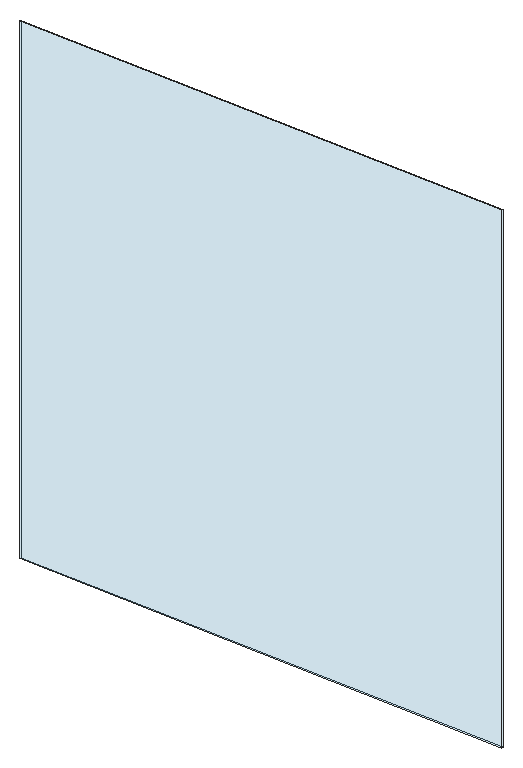
Revit family
Parameters (values of type "72" x 72"")
  Sealant = 0' - 0 3/8"
  Pocket Depth [instance] = 0' - 0 1/2"
  Head Height = Sill Height + Rough Height - Sealant  # 8' - 11 5/8"
  Depth [instance] = 0' - 3"
  Sill Height = 3' - 0"
  Rough Width = 6' - 0"
  Rough Height = 6' - 0"
  Model = "AF300"
  Material = ""
  Manufacturer = "Arcadia"
  Sightline = 0' - 2 3/8"
  Height = Rough Height - Sealant - Sealant  # 5' - 11 1/4"
  Wall Closure = (empty or 0)
  Width = Rough Width - Sealant - Sealant  # 5' - 11 1/4"
  Glass Thickness [instance] = 0' - 0 1/4"
  Offset to Inside Face of Glass [instance] = 0' - 2 9/32"
  Construction Type = "Aluminum"
  Center of Rough Opening [instance] = Rough Width / 2  # 3' - 0"
  Center of Glass [instance] = Glass Thickness / 2  # 0' - 0 1/8"
  Center Wall to Outside Face [instance] = 0' - 2 7/8"
  CSO [instance] = yes
  CSI [instance] = yes
  Assembly Code = ""
Reference planes (in)
  plane 1 "Center (Front/Back)": y = 0
  plane 2: z = 0
  plane 3 "Center (Left/Right)": x = 12
  plane 4 "Rough Opening Bottom": z = 36
  plane 5 "Rough Opening Top": z = 108
  plane 6 "Exterior Face": y = 3.25
  plane 7 "Frame Top": z = 105.625
  plane 8 "Frame Bottom": z = 38.375
  plane 9 "Rough Opening Left": x = -24
  plane 10 "Rough Opening Right": x = 48
  plane 11 "Frame Left": x = -21.625
  plane 12 "Frame Right": x = 45.625
  plane 13 "Exterior Glass Edge": y = 1.58019
  plane 14 "Interior Glass Edge": y = 1.33019
  plane 15 "Glass Centerline": y = 1.45519
  plane 16 "Frame Outside": y = 2.04894
  plane 17 "Frame Inside": y = -0.95106
  plane 18: z = 106.125
  plane 19: z = 37.875
  plane 20: x = 46.125
  plane 21: x = -22.125
  plane 22: x = 47.625
  plane 23: x = -23.625
  plane 24: z = 107.625
  plane 25: z = 36.375
Forms (in)
  Extrusion 1, solid, material "Anodize Arcadia AC2 Clear #11", detail levels coarse
    sketch origin (0, 0, 36) x (0, -1, 0) y (1, 0, 0)
      loop
        line (-2.04894, -24) -> (0.95106, -24) -> (0.95106, -21.625) -> (-1.33019, -21.625) -> (-1.33019, -22.125) -> (-1.58019, -22.125) -> (-1.58019, -21.625) -> (-2.04894, -21.625) -> (-2.04894, -24)
    from 0 to 72 <- "Rough Height"
  Extrusion 2, solid, material "Anodize Arcadia AC2 Clear #11", detail levels coarse
    sketch origin (0, 0, 36) x (0, -1, 0) y (1, 0, 0)
      loop
        line (-2.04894, 45.625) -> (-1.58019, 45.625) -> (-1.58019, 46.125) -> (-1.33019, 46.125) -> (-1.33019, 45.625) -> (0.95106, 45.625) -> (0.95106, 48) -> (-2.04894, 48) -> (-2.04894, 45.625)
    from 0 to 72 <- "Rough Height"
  Extrusion 3, solid, material "Glass"
    sketch origin (-0.5, 0, 36) x (0, -1, 0) y (1, 0, 0)
      loop
        line (-1.58019, -21.625) -> (-1.33019, -21.625) -> (-1.33019, 46.625) -> (-1.58019, 46.625) -> (-1.58019, -21.625)
    from 1.875 to 70.125
  Extrusion 4, solid, material "Anodize Arcadia AC2 Clear #11", detail levels coarse
    sketch origin (-24, 0, 0) x (0, 1, 0) y (0, 0, 1)
      loop
        line (-0.95106, 108) -> (-0.95106, 105.625) -> (1.33019, 105.625) -> (1.33019, 106.125) -> (1.58019, 106.125) -> (1.58019, 105.625) -> (2.04894, 105.625) -> (2.04894, 108) -> (-0.95106, 108)
    from 0 to 72 <- "Rough Width"
  Extrusion 5, solid, material "Anodize Arcadia AC2 Clear #11", detail levels coarse
    sketch origin (-24, 0, 0) x (0, 1, 0) y (0, 0, 1)
      loop
        line (2.04894, 38.375) -> (1.58019, 38.375) -> (1.58019, 37.875) -> (1.33019, 37.875) -> (1.33019, 38.375) -> (-0.95106, 38.375) -> (-0.95106, 36) -> (2.04894, 36) -> (2.04894, 38.375)
    from 0 to 72 <- "Rough Width"
  Extrusion 6, void
    sketch origin (0, 0, 36) x (0, -1, 0) y (1, 0, 0)
      loop
        line (-3.25, -24) -> (4.75, -24) -> (4.75, 48) -> (-3.25, 48) -> (-3.25, -24)
    from 0 to 72 <- "Rough Height"
Lines and regions (in)
  symbolic lines, detail levels coarse
    curve 1: line (-24, 2.04894, 0) -> (-21.625, 2.04894, 0)
    curve 2: line (-21.625, 2.04894, 0) -> (-21.625, 1.58019, 0)
    curve 3: line (46.125, 1.58019, 0) -> (-22.125, 1.58019, 0)
    curve 4: line (-22.125, 1.58019, 0) -> (-22.125, 1.33019, 0)
    curve 5: line (-22.125, 1.33019, 0) -> (46.125, 1.33019, 0)
    curve 6: line (-21.625, 1.33019, 0) -> (-21.625, -0.95106, 0)
    curve 7: line (-21.625, -0.95106, 0) -> (-24, -0.95106, 0)
    curve 8: line (-24, -0.95106, 0) -> (-24, 2.04894, 0)
    curve 9: line (48, 2.04894, 0) -> (45.625, 2.04894, 0)
    curve 10: line (45.625, 2.04894, 0) -> (45.625, 1.58019, 0)
    curve 11: line (46.125, 1.58019, 0) -> (46.125, 1.33019, 0)
    curve 12: line (45.625, 1.33019, 0) -> (45.625, -0.95106, 0)
    curve 13: line (45.625, -0.95106, 0) -> (48, -0.95106, 0)
    curve 14: line (48, -0.95106, 0) -> (48, 2.04894, 0)
Text (in)
  text "EXTERIOR" at (-58.6888, 50.90694, 0), in view "Ref. Level"
  text "INTERIOR" at (-58.6888, -37.76638, 0), in view "Ref. Level"
  text "Exterior" at (0, 43.65631, 123.19604), in view "Left"
  text "Exterior" at (0, 18.29385, 125.04747), in view "Right"
Dimensions and locks (in)
  "Rough Height": plane 4 "Rough Opening Bottom" to plane 5 "Rough Opening Top"
  "Sill Height": plane 2 to plane 4 "Rough Opening Bottom"
  "Sightline": plane 7 "Frame Top" to plane 5 "Rough Opening Top"
  "Sightline": plane 4 "Rough Opening Bottom" to plane 8 "Frame Bottom"
  "Rough Width": plane 9 "Rough Opening Left" to plane 10 "Rough Opening Right"
  "Sightline": plane 9 "Rough Opening Left" to plane 11 "Frame Left"
  "Sightline": plane 12 "Frame Right" to plane 10 "Rough Opening Right"
  "Depth": plane 17 "Frame Inside" to plane 16 "Frame Outside"
  "Glass Thickness": plane 13 "Exterior Glass Edge" to plane 14 "Interior Glass Edge"
  "Center of Glass": plane 15 "Glass Centerline" to plane 14 "Interior Glass Edge"
  "Center of Rough Opening": plane 9 "Rough Opening Left" to plane 3 "Center (Left/Right)"
  "Offset to Inside Face of Glass": plane 17 "Frame Inside" to plane 14 "Interior Glass Edge"
  "Pocket Depth": plane 12 "Frame Right" to plane 20
  "Pocket Depth": plane 21 to plane 11 "Frame Left"
  "Pocket Depth": plane 7 "Frame Top" to plane 18
  "Pocket Depth": plane 19 to plane 8 "Frame Bottom"
  "Sealant": plane 9 "Rough Opening Left" to plane 23
  "Sealant": plane 22 to plane 10 "Rough Opening Right"
  "Sealant": plane 24 to plane 5 "Rough Opening Top"
  "Sealant": plane 4 "Rough Opening Bottom" to plane 25
  aligned and locked: plane 6 "Exterior Face" to host wall
  aligned and locked: Extrusion 1 sketch curve to plane 17 "Frame Inside"
  aligned and locked: plane 16 "Frame Outside" to Extrusion 1 sketch curve
  aligned and locked: Extrusion 1 sketch curve to plane 11 "Frame Left"
  aligned and locked: plane 9 "Rough Opening Left" to Extrusion 1 sketch curve
  aligned and locked: plane 12 "Frame Right" to Extrusion 2 sketch curve
  aligned and locked: Extrusion 2 sketch curve to plane 10 "Rough Opening Right"
  aligned and locked: Extrusion 2 sketch curve to plane 17 "Frame Inside"
  aligned and locked: plane 16 "Frame Outside" to Extrusion 2 sketch curve
  aligned and locked: Extrusion 3 sketch curve to plane 13 "Exterior Glass Edge"
  aligned and locked: plane 14 "Interior Glass Edge" to Extrusion 3 sketch curve
  aligned and locked: plane 5 "Rough Opening Top" to Extrusion 4 sketch curve
  aligned and locked: Extrusion 4 sketch curve to plane 7 "Frame Top"
  aligned and locked: Extrusion 4 sketch curve to plane 17 "Frame Inside"
  aligned and locked: plane 16 "Frame Outside" to Extrusion 4 sketch curve
  aligned and locked: Extrusion 5 sketch curve to plane 4 "Rough Opening Bottom"
  aligned and locked: plane 8 "Frame Bottom" to Extrusion 5 sketch curve
  aligned and locked: Extrusion 5 sketch curve to plane 17 "Frame Inside"
  aligned and locked: plane 16 "Frame Outside" to Extrusion 5 sketch curve
  aligned and locked: plane 4 "Rough Opening Bottom" to nested 3
  aligned and locked: nested 2 to plane 5 "Rough Opening Top"
  aligned and locked: plane 19 to Extrusion 3
  aligned and locked: Extrusion 3 to plane 18
  aligned and locked: plane 17 "Frame Inside" to nested 3
  aligned and locked: plane 17 "Frame Inside" to nested 2
  aligned and locked: nested 1 to plane 16 "Frame Outside"
  aligned and locked: plane 10 "Rough Opening Right" to nested 1
  aligned and locked: nested 4 to plane 9 "Rough Opening Left"
  aligned and locked: plane 17 "Frame Inside" to nested 4
  aligned and locked: plane 13 "Exterior Glass Edge" to Extrusion 5 sketch curve
  aligned and locked: Extrusion 5 sketch curve to plane 14 "Interior Glass Edge"
  aligned and locked: plane 19 to Extrusion 5 sketch curve
  aligned and locked: Extrusion 4 sketch curve to plane 13 "Exterior Glass Edge"
  aligned and locked: plane 18 to Extrusion 4 sketch curve
  aligned and locked: plane 14 "Interior Glass Edge" to Extrusion 4 sketch curve
  aligned and locked: plane 14 "Interior Glass Edge" to Extrusion 2 sketch curve
  aligned and locked: Extrusion 2 sketch curve to plane 20
  aligned and locked: Extrusion 2 sketch curve to plane 13 "Exterior Glass Edge"
  aligned and locked: Extrusion 1 sketch curve to plane 14 "Interior Glass Edge"
  aligned and locked: Extrusion 1 sketch curve to plane 21
  aligned and locked: plane 13 "Exterior Glass Edge" to Extrusion 1 sketch curve
  aligned and locked: plane 16 "Frame Outside" to curve 1
  aligned and locked: plane 9 "Rough Opening Left" to curve 8
  aligned and locked: curve 2 to plane 11 "Frame Left"
  aligned and locked: curve 6 to plane 11 "Frame Left"
  aligned and locked: curve 4 to plane 21
  aligned and locked: curve 7 to plane 17 "Frame Inside"
  aligned and locked: curve 5 to plane 14 "Interior Glass Edge"
  aligned and locked: plane 13 "Exterior Glass Edge" to curve 3
  aligned and locked: curve 10 to plane 12 "Frame Right"
  aligned and locked: curve 12 to plane 12 "Frame Right"
  aligned and locked: curve 11 to plane 20
  aligned and locked: plane 10 "Rough Opening Right" to curve 14
  aligned and locked: curve 9 to plane 16 "Frame Outside"
  aligned and locked: plane 17 "Frame Inside" to curve 13
  aligned and locked: plane 9 "Rough Opening Left" to import instance  (x2)
  aligned and locked: plane 16 "Frame Outside" to import instance  (x3)
  aligned and locked: plane 10 "Rough Opening Right" to import instance  (x2)
  aligned and locked: import instance to plane 16 "Frame Outside"  (x4)
  aligned and locked: import instance to plane 4 "Rough Opening Bottom"  (x2)
  aligned and locked: plane 17 "Frame Inside" to import instance
  aligned and locked: import instance to plane 5 "Rough Opening Top"
  aligned and locked: plane 5 "Rough Opening Top" to import instance
  aligned and locked: level to plane 2
  aligned and locked: plane 9 "Rough Opening Left" to Extrusion 6 sketch curve
  aligned and locked: plane 6 "Exterior Face" to Extrusion 6 sketch curve
  aligned and locked: host wall to Extrusion 6 sketch curve
  aligned and locked: plane 10 "Rough Opening Right" to Extrusion 6 sketch curve
Automatic sketch dimensions
  Extrusion 3 sketch curve to plane 21 = 0' - 0"
  Extrusion 3 sketch curve to plane 20 = 0' - 0"
  Extrusion 5 sketch curve to plane 8 "Frame Bottom" = 0' - 0"
  Extrusion 4 sketch curve to plane 7 "Frame Top" = 0' - 0"
  Extrusion 2 sketch curve to plane 12 "Frame Right" = 0' - 0"
  Extrusion 1 sketch curve to plane 11 "Frame Left" = 0' - 0"
Nested families (in)
  nested 1: "Window-Arcadia-AF300-Med-Jamb-R" at (46.9375, 1.45519, 0) x (-1, 0, 0) z (0, 0, 1), type "Window-Arcadia-AF300-Med-Jamb-R", detail levels medium
    with Sightline 0' - 2 3/8", Pocket Depth 0' - 0 1/2", Offset to Inside Face of Glass 0' - 2 9/32", Glass Width 0' - 0 1/4", Frame Wall Thickness 0' - 0 3/32", Depth 0' - 3", Center of Glass 0' - 0 1/8"
  nested 2: "Window-Arcadia-AF300-Med-Head" at (33.875, 1.45519, 108) x (0, -1, 0) z (1, 0, 0), type "Window-Arcadia-AF300-Med-Head", detail levels medium
    with Sightline 0' - 2 3/8", Pocket Depth 0' - 0 1/2", Offset to Inside Face of Glass 0' - 2 9/32", Glass Width 0' - 0 1/4", Frame Wall Thickness 0' - 0 3/32", Depth 0' - 3", Center of Glass 0' - 0 1/8"
  nested 3: "Window-Arcadia-AF300-Med-Sill" at (33.875, 1.45519, 36) x (0, -1, 0) z (1, 0, 0), type "Window-Arcadia-AF300-Med-Sill", detail levels medium
    with Sightline 0' - 2 3/8", Pocket Depth 0' - 0 1/2", Offset to Inside Face of Glass 0' - 2 9/32", Glass Width 0' - 0 1/4", Frame Wall Thickness 0' - 0 3/32", Depth 0' - 3", Center of Glass 0' - 0 1/8"
  nested 4: "Window-Arcadia-AF300-Med-Jamb-L" at (-22.9375, 1.45519, 0) x (-1, 0, 0) z (0, 0, 1), type "Window-Arcadia-AF300-Med-Jamb-L", detail levels medium
    with Sightline 0' - 2 3/8", Pocket Depth 0' - 0 1/2", Offset to Inside Face of Glass 0' - 2 9/32", Glass Width 0' - 0 1/4", Frame Wall Thickness 0' - 0 3/32", Depth 0' - 3", Center of Glass 0' - 0 1/8"
Definition of nested family "Window-Arcadia-AF300-Med-Jamb-R"
  Parameters (values of type "Window-Arcadia-TC670-Med-Jamb-R")
    Depth [instance] = 0' - 6"
    Pocket Depth [instance] = 0' - 0 3/4"
    Offset to Inside Face of Glass [instance] = 0' - 4"
    Glass Width [instance] = 0' - 1"
    Sightline [instance] = 0' - 2 5/8"
    Center of Glass [instance] = Glass Width / 2  # 0' - 0 1/2"
    Frame Wall Thickness [instance] = 0' - 0 3/32"
    Assembly Code = ""
  Reference planes (in)
    plane 1 "Center (Front/Back)": y = 0
    plane 2: z = 0
    plane 3: x = 1.5625
    plane 4 "back": x = -1.0625
    plane 5: y = 4.5
    plane 6: y = -1.5
    plane 7 "Inside Face of Glass": y = 0.5
    plane 8: y = -0.5
    plane 9: x = 0.8125
  Lines and regions (in)
    detail lines, in view "Ref. Level", detail levels medium
      curve 1: line (-1.0625, 4.5, 0) -> (-1.0625, -1.5, 0)
      curve 2: line (-1.0625, -1.5, 0) -> (1.5625, -1.5, 0)
      curve 3: line (1.5625, -1.5, 0) -> (1.5625, -0.5, 0)
      curve 4: line (1.5625, -0.5, 0) -> (0.8125, -0.5, 0)
      curve 5: line (0.8125, -0.5, 0) -> (0.8125, 0.5, 0)
      curve 6: line (0.8125, 0.5, 0) -> (1.5625, 0.5, 0)
      curve 7: line (1.5625, 0.5, 0) -> (1.5625, 4.5, 0)
      curve 8: line (1.5625, 4.5, 0) -> (-1.0625, 4.5, 0)
      curve 9: line (1.46875, 4.40625, 0) -> (-0.96875, 4.40625, 0)
      curve 10: line (-0.96875, 4.40625, 0) -> (-0.96875, -1.40625, 0)
      curve 11: line (-0.96875, -1.40625, 0) -> (1.46875, -1.40625, 0)
      curve 12: line (1.46875, -1.40625, 0) -> (1.46875, -0.59375, 0)
      curve 13: line (1.46875, -0.59375, 0) -> (0.71875, -0.59375, 0)
      curve 14: line (0.71875, -0.59375, 0) -> (0.71875, 0.59375, 0)
      curve 15: line (0.71875, 0.59375, 0) -> (1.46875, 0.59375, 0)
      curve 16: line (1.46875, 0.59375, 0) -> (1.46875, 4.40625, 0)
      curve 17: line (1.5625, 4.5, 0) -> (-1.0625, 4.5, 0)
      curve 18: line (-1.0625, 4.40625, 0) -> (-1.0625, -1.5, 0)
  Dimensions and locks (in)
    "Sightline": plane 4 "back" to plane 3
    "Depth": plane 5 to plane 6
    "Center of Glass": plane 1 "Center (Front/Back)" to plane 7 "Inside Face of Glass"
    "Glass Width": plane 8 to plane 7 "Inside Face of Glass"
    "Pocket Depth": plane 9 to plane 3
    "Offset to Inside Face of Glass": plane 5 to plane 7 "Inside Face of Glass"
    "Frame Wall Thickness": plane 5 to curve 9
    "Frame Wall Thickness": plane 4 "back" to curve 10
    "Frame Wall Thickness": curve 11 to plane 6
    "Frame Wall Thickness": curve 12 to plane 3
    "Frame Wall Thickness": curve 13 to plane 8
    "Frame Wall Thickness": plane 7 "Inside Face of Glass" to curve 15
    "Frame Wall Thickness": curve 14 to plane 9
    "Frame Wall Thickness": curve 16 to plane 3
    aligned and locked: plane 5 to curve 8
    aligned and locked: curve 1 to plane 4 "back"
    aligned and locked: curve 2 to plane 6
    aligned and locked: plane 3 to curve 3
    aligned and locked: curve 4 to plane 8
    aligned and locked: plane 9 to curve 5
    aligned and locked: plane 7 "Inside Face of Glass" to curve 6
    aligned and locked: plane 3 to curve 7
  Automatic sketch dimensions
    curve 18 to curve 9 = 0' - 0"
Definition of nested family "Window-Arcadia-AF300-Med-Head"
  Parameters (values of type "Window-Arcadia-A400-Med-Head")
    Depth [instance] = 0' - 6"
    Pocket Depth [instance] = 0' - 0 1/2"
    Offset to Inside Face of Glass [instance] = 0' - 4"
    Glass Width [instance] = 0' - 1"
    Sightline [instance] = 0' - 2 5/8"
    Center of Glass [instance] = Glass Width / 2  # 0' - 0 1/2"
    Frame Wall Thickness [instance] = 0' - 0 3/32"
    Assembly Code = ""
  Reference planes (in)
    plane 1 "Center (Front/Back)": y = 0
    plane 2: z = 0
    plane 3 "Center (Left/Right)": x = 0
    plane 4: x = -0.5
    plane 5 "Inside Face of Glass": x = 0.5
    plane 6: y = -2.625
    plane 7: x = 4.5
    plane 8: x = -1.5
    plane 9: y = -2.125
  Lines and regions (in)
    detail lines, in view "Ref. Level", detail levels medium
      curve 1: line (-1.5, 0, 0) -> (-1.5, -2.625, 0)
      curve 2: line (-1.5, -2.625, 0) -> (-0.5, -2.625, 0)
      curve 3: line (-0.5, -2.625, 0) -> (-0.5, -2.125, 0)
      curve 4: line (-0.5, -2.125, 0) -> (0.5, -2.125, 0)
      curve 5: line (0.5, -2.125, 0) -> (0.5, -2.625, 0)
      curve 6: line (0.5, -2.625, 0) -> (4.5, -2.625, 0)
      curve 7: line (4.5, -2.625, 0) -> (4.5, 0, 0)
      curve 8: line (4.5, 0, 0) -> (-1.5, 0, 0)
      curve 9: line (-1.40625, -0.09375, 0) -> (-1.40625, -2.53125, 0)
      curve 10: line (4.40625, -0.09375, 0) -> (-1.40625, -0.09375, 0)
      curve 11: line (4.40625, -2.53125, 0) -> (4.40625, -0.09375, 0)
      curve 12: line (0.59375, -2.53125, 0) -> (4.40625, -2.53125, 0)
      curve 13: line (-1.40625, -2.53125, 0) -> (-0.59375, -2.53125, 0)
      curve 14: line (-0.59375, -2.53125, 0) -> (-0.59375, -2.03125, 0)
      curve 15: line (-0.59375, -2.03125, 0) -> (0.59375, -2.03125, 0)
      curve 16: line (0.59375, -2.03125, 0) -> (0.59375, -2.53125, 0)
  Dimensions and locks (in)
    "Sightline": plane 6 to plane 1 "Center (Front/Back)"
    "Depth": plane 8 to plane 7
    "Pocket Depth": plane 6 to plane 9
    "Offset to Inside Face of Glass": plane 5 "Inside Face of Glass" to plane 7
    "Glass Width": plane 4 to plane 5 "Inside Face of Glass"
    "Center of Glass": plane 3 "Center (Left/Right)" to plane 5 "Inside Face of Glass"
    "Frame Wall Thickness": plane 8 to curve 9
    "Frame Wall Thickness": curve 10 to plane 1 "Center (Front/Back)"
    "Frame Wall Thickness": curve 11 to plane 7
    "Frame Wall Thickness": plane 6 to curve 12
    "Frame Wall Thickness": plane 6 to curve 13
    "Frame Wall Thickness": plane 9 to curve 15
    "Frame Wall Thickness": plane 5 "Inside Face of Glass" to curve 16
    "Frame Wall Thickness": curve 14 to plane 4
    aligned and locked: curve 8 to plane 1 "Center (Front/Back)"
    aligned and locked: plane 7 to curve 7
    aligned and locked: curve 1 to plane 8
    aligned and locked: plane 9 to curve 4
    aligned and locked: plane 4 to curve 3
    aligned and locked: plane 6 to curve 2
    aligned and locked: plane 6 to curve 6
  Automatic sketch dimensions
    curve 5 to plane 5 "Inside Face of Glass" = 0' - 0"
Definition of nested family "Window-Arcadia-AF300-Med-Sill"
  Parameters (values of type "Window-Arcadia-A400-Med-Sill")
    Depth [instance] = 0' - 6"
    Pocket Depth [instance] = 0' - 0 1/2"
    Offset to Inside Face of Glass [instance] = 0' - 4"
    Glass Width [instance] = 0' - 1"
    Sightline [instance] = 0' - 2 5/8"
    Center of Glass [instance] = Glass Width / 2  # 0' - 0 1/2"
    Frame Wall Thickness [instance] = 0' - 0 3/32"
    Assembly Code = ""
  Reference planes (in)
    plane 1 "Center (Front/Back)": y = 0
    plane 2: z = 0
    plane 3 "Center (Left/Right)": x = 0
    plane 4: x = -0.5
    plane 5 "Inside Face of Glass": x = 0.5
    plane 6: y = 2.625
    plane 7: x = 4.5
    plane 8: x = -1.5
    plane 9: y = 2.125
  Lines and regions (in)
    detail lines, in view "Ref. Level", detail levels medium
      curve 1: line (-1.5, 2.625, 0) -> (-1.5, 0, 0)
      curve 2: line (-1.5, 0, 0) -> (4.5, 0, 0)
      curve 3: line (4.5, 0, 0) -> (4.5, 2.625, 0)
      curve 4: line (4.5, 2.625, 0) -> (0.5, 2.625, 0)
      curve 5: line (0.5, 2.625, 0) -> (0.5, 2.125, 0)
      curve 6: line (0.5, 2.125, 0) -> (-0.5, 2.125, 0)
      curve 7: line (-0.5, 2.125, 0) -> (-0.5, 2.625, 0)
      curve 8: line (-0.5, 2.625, 0) -> (-1.5, 2.625, 0)
      curve 9: line (-0.59375, 2.53125, 0) -> (-1.40625, 2.53125, 0)
      curve 10: line (-1.40625, 2.53125, 0) -> (-1.40625, 0.09375, 0)
      curve 11: line (-1.40625, 0.09375, 0) -> (4.40625, 0.09375, 0)
      curve 12: line (4.40625, 0.09375, 0) -> (4.40625, 2.53125, 0)
      curve 13: line (4.40625, 2.53125, 0) -> (0.59375, 2.53125, 0)
      curve 14: line (0.59375, 2.53125, 0) -> (0.59375, 2.03125, 0)
      curve 15: line (0.59375, 2.03125, 0) -> (-0.59375, 2.03125, 0)
      curve 16: line (-0.59375, 2.03125, 0) -> (-0.59375, 2.53125, 0)
  Dimensions and locks (in)
    "Pocket Depth": plane 9 to plane 6
    "Sightline": plane 1 "Center (Front/Back)" to plane 6
    "Depth": plane 8 to plane 7
    "Offset to Inside Face of Glass": plane 5 "Inside Face of Glass" to plane 7
    "Glass Width": plane 4 to plane 5 "Inside Face of Glass"
    "Center of Glass": plane 3 "Center (Left/Right)" to plane 5 "Inside Face of Glass"
    "Frame Wall Thickness": curve 9 to plane 6
    "Frame Wall Thickness": plane 8 to curve 10
    "Frame Wall Thickness": plane 1 "Center (Front/Back)" to curve 11
    "Frame Wall Thickness": curve 12 to plane 7
    "Frame Wall Thickness": curve 13 to plane 6
    "Frame Wall Thickness": plane 5 "Inside Face of Glass" to curve 14
    "Frame Wall Thickness": curve 15 to plane 9
    "Frame Wall Thickness": curve 16 to plane 4
    aligned and locked: plane 1 "Center (Front/Back)" to curve 2
    aligned and locked: plane 7 to curve 3
    aligned and locked: curve 1 to plane 8
    aligned and locked: curve 8 to plane 6
    aligned and locked: curve 4 to plane 6
    aligned and locked: curve 6 to plane 9
    aligned and locked: curve 5 to plane 5 "Inside Face of Glass"
    aligned and locked: plane 4 to curve 7
  Automatic sketch dimensions
    curve 7 to plane 9 = 0' - 0"
Definition of nested family "Window-Arcadia-AF300-Med-Jamb-L"
  Parameters (values of type "Window-Arcadia-TC670-Med-Jamb-L")
    Depth [instance] = 0' - 6"
    Pocket Depth [instance] = 0' - 0 1/2"
    Offset to Inside Face of Glass [instance] = 0' - 4"
    Glass Width [instance] = 0' - 1"
    Sightline [instance] = 0' - 2 1/8"
    Center of Glass [instance] = Glass Width / 2  # 0' - 0 1/2"
    Frame Wall Thickness [instance] = 0' - 0 3/32"
    Assembly Code = ""
  Reference planes (in)
    plane 1 "Center (Front/Back)": y = 0
    plane 2: z = 0
    plane 3 "BACK": x = 1.0625
    plane 4 "FRONT": x = -1.0625
    plane 5: y = 1.5
    plane 6: y = -4.5
    plane 7 "Inside Face of Glass": y = 0.5
    plane 8: y = -0.5
    plane 9: x = -0.5625
  Lines and regions (in)
    detail lines, in view "Ref. Level", detail levels medium
      curve 1: line (1.0625, 1.5, 0) -> (1.0625, -4.5, 0)
      curve 2: line (1.0625, -4.5, 0) -> (-1.0625, -4.5, 0)
      curve 3: line (-1.0625, -4.5, 0) -> (-1.0625, -0.5, 0)
      curve 4: line (-1.0625, -0.5, 0) -> (-0.5625, -0.5, 0)
      curve 5: line (-0.5625, -0.5, 0) -> (-0.5625, 0.5, 0)
      curve 6: line (-0.5625, 0.5, 0) -> (-1.0625, 0.5, 0)
      curve 7: line (-1.0625, 0.5, 0) -> (-1.0625, 1.5, 0)
      curve 8: line (-1.0625, 1.5, 0) -> (1.0625, 1.5, 0)
      curve 9: line (-0.96875, 1.40625, 0) -> (0.96875, 1.40625, 0)
      curve 10: line (-0.96875, 0.59375, 0) -> (-0.96875, 1.40625, 0)
      curve 11: line (-0.46875, 0.59375, 0) -> (-0.96875, 0.59375, 0)
      curve 12: line (-0.46875, -0.59375, 0) -> (-0.46875, 0.59375, 0)
      curve 13: line (-0.96875, -0.59375, 0) -> (-0.46875, -0.59375, 0)
      curve 14: line (-0.96875, -4.40625, 0) -> (-0.96875, -0.59375, 0)
      curve 15: line (0.96875, -4.40625, 0) -> (-0.96875, -4.40625, 0)
      curve 16: line (0.96875, 1.40625, 0) -> (0.96875, -4.40625, 0)
  Dimensions and locks (in)
    "Depth": plane 5 to plane 6
    "Pocket Depth": plane 4 "FRONT" to plane 9
    "Sightline": plane 4 "FRONT" to plane 3 "BACK"
    "Glass Width": plane 8 to plane 7 "Inside Face of Glass"
    "Center of Glass": plane 1 "Center (Front/Back)" to plane 7 "Inside Face of Glass"
    "Frame Wall Thickness": plane 4 "FRONT" to curve 10
    "Frame Wall Thickness": plane 5 to curve 9
    "Frame Wall Thickness": curve 15 to plane 6
    "Frame Wall Thickness": curve 13 to plane 8
    "Frame Wall Thickness": plane 9 to curve 12
    "Frame Wall Thickness": plane 7 "Inside Face of Glass" to curve 11
    "Frame Wall Thickness": plane 4 "FRONT" to curve 14
    "Offset to Inside Face of Glass": plane 6 to plane 8
    aligned and locked: curve 8 to plane 5
    aligned and locked: curve 1 to plane 3 "BACK"
    aligned and locked: plane 6 to curve 2
    aligned and locked: curve 3 to plane 4 "FRONT"
    aligned and locked: plane 8 to curve 4
    aligned and locked: plane 9 to curve 5
    aligned and locked: curve 6 to plane 7 "Inside Face of Glass"
    aligned and locked: plane 4 "FRONT" to curve 7
  Automatic sketch dimensions
    curve 16 to plane 3 "BACK" = 0' - 0 3/32"
